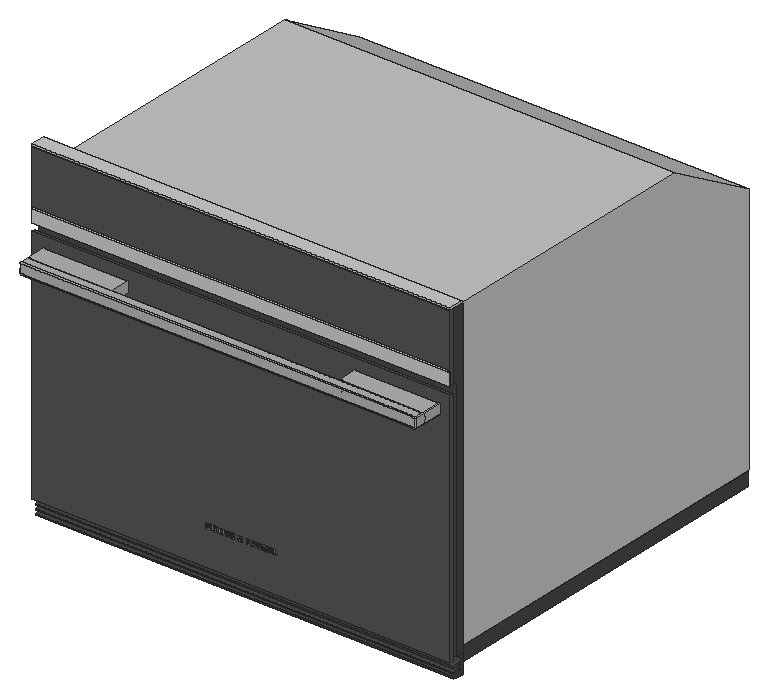
Revit family "FP_Revit_18_OM60NDB1_w_TK480NDB1_Microwave_Oven_w_60cm_Trimkit_90000813A", category Specialty Equipment, Revit 2018
Family settings
  Round Connector Dimension = Use Diameter
  Part Type = Normal
  OmniClass Number = 23.40.40.14.17.31
  OmniClass Title = Small Specialized Cooking Equipment
  Work Plane-Based = No
  Always vertical = Yes
  Cut with Voids When Loaded = Yes
  Shared = No
  Room Calculation Point = No
Parameters (values of type "OM60NDB1 + TK480NDB1")
  Visibility - Clearance Required = yes
  URL = "www.fisherpaykel.com"
  Product - Width = 596 mm  # constant formula
  Product - Height = 478 mm  # constant formula
  Product - Depth = 614 mm  # constant formula
  Model = "OM60NDB1 + TK480NDB1"
  Material - Trim = Fisher & Paykel - Stainless Steel
  Material - Structure = Fisher & Paykel - Black
  Material - Handle = Fisher & Paykel - Aluminium
  Material - Glass = Fisher & Paykel - Glass, Black
  Material - Body = Fisher & Paykel - Grey
  Manufacturer = "Fisher & Paykel Appliances"
  FFL Offset [instance] = 900 mm
  Description = "60cm Microwave Oven + 60cm Trimkit"
  Connector Description - Electrical = "220-240 V, 50 Hz, 14.5 A"
  Chassis - Width = 560 mm  # constant formula
  Chassis - Height = 466 mm  # constant formula
  Chassis - Depth = 542 mm  # constant formula
  Cavity - Width = 560 mm  # constant formula
  Cavity - Height = 480 mm  # constant formula
  Cavity - Depth = 560 mm  # constant formula
Reference planes
  plane 1 "Datum": y = 0
  plane 2: z = 0
  plane 3 "Center (Left/Right)": x = 0
  plane 4: z = 1380
  plane 5: z = 1378
  plane 6 "Product LHS": x = -298
  plane 7 "Product RHS": x = 298
  plane 8 "Product - Depth": y = 0
  plane 9 "Cavity LHS": x = -300
  plane 10 "Cavity RHS": x = 300
  plane 11 "Cavity - Depth": y = 560
  plane 12 "Chassis - Height": z = 0
  plane 13 "Product Depth": y = 542
  plane 14 "FFL Offset": z = 900
  plane 15 "Front": y = -22
Forms (mm)
  Extrusion 1, void
    sketch origin (0, 0, 0) x (0, 1, 0) y (0, 0, 1)
      loop
        line (-22, 1380) -> (-22, 900) -> (0, 900) -> (0, 1380) -> (-22, 1380)
    from -300 to 300
  Extrusion 2, void
    sketch origin (0, 0, 0) x (0, 1, 0) y (0, 0, 1)
      loop
        line (560, 1380) -> (0, 1380) -> (0, 900) -> (560, 900) -> (560, 1380)
    from -280 to 280
Text (mm)
  text "Due to ongoing product development, product details are subject to change without notice. \nPlease always refer to www.fisherpaykel.com for the most current product information. \n© Fisher & Paykel 2020" at (41.04, -413.295, 0), in view "Ref. Level (Plan)"
Dimensions and locks
  equal spacing: plane 6 "Product LHS", plane 3 "Center (Left/Right)", plane 7 "Product RHS"
  "Product - Width": plane 6 "Product LHS" to plane 7 "Product RHS"
  equal spacing: plane 9 "Cavity LHS", plane 3 "Center (Left/Right)", plane 10 "Cavity RHS"
  locked: plane 9 "Cavity LHS" to plane 10 "Cavity RHS" at 600
  "Chassis - Depth": plane 1 "Datum" to plane 13 "Product Depth"
  "FFL Offset": plane 14 "FFL Offset" to level
  "Cavity - Depth": plane 1 "Datum" to plane 11 "Cavity - Depth"
  "Product - Height": plane 5 to plane 14 "FFL Offset"
  "Cavity - Height": plane 4 to plane 14 "FFL Offset"
  "Cavity - Width": Extrusion 2 to Extrusion 2
  aligned and locked: level to plane 2
  aligned and locked: nested 2 to plane 8 "Product - Depth"
  aligned and locked: Extrusion 1 sketch curve to plane 8 "Product - Depth"
  aligned and locked: plane 14 "FFL Offset" to Extrusion 1 sketch curve
  aligned and locked: Extrusion 1 sketch curve to plane 4
  aligned and locked: Extrusion 1 to plane 10 "Cavity RHS"
  aligned and locked: plane 9 "Cavity LHS" to Extrusion 1
  aligned and locked: Extrusion 2 sketch curve to plane 8 "Product - Depth"
  aligned and locked: Extrusion 2 sketch curve to plane 14 "FFL Offset"
  aligned and locked: plane 11 "Cavity - Depth" to Extrusion 2 sketch curve
  aligned and locked: Extrusion 2 sketch curve to nested 2
  aligned and locked: nested 1 to plane 8 "Product - Depth"
  aligned and locked: Extrusion 1 to nested 1
  aligned and locked: plane 15 "Front" to Extrusion 1
Automatic sketch dimensions
  Extrusion 1 sketch curve to Extrusion 1 sketch curve = 22 mm
Nested families
  nested 1: "FP_Revit_18_OM60NDB1_Microwave_Oven_90000813A" at (0, 0, 20), FFL Offset <- "FFL Offset", type "OM60NDB1"
    with FFL Offset 900 mm
  nested 2: "FP_Revit_18_TK480ND_Trimkits_90001188A" at (0, 0, 0), FFL Offset <- "FFL Offset", type "TK480NDB1"
    with FFL Offset 900 mm
Connectors
  electrical at (-193.854, 548.619, 959.454), driven by "Connector Description - Electrical"
    settings: on nested 1, index 1, voltage 230 V, apparent load 0 VA, apparent load phase1 0 VA, apparent load phase2 0 VA, apparent load phase3 0 VA, power factor 1, load classification "Other", number of poles 1, system type 30, power factor state 1, is connector primary yes, connector utility no, sub classification motor no, connector description "220-240 V, 50 Hz, 14.5 A"
Definition of nested family "FP_Revit_18_OM60NDB1_Microwave_Oven_90000813A"
  Parameters (values of type "OS60NDBB1")
    Visibility - Clearance Required = yes
    URL = "www.fisherpaykel.com"
    Product - Width = 596 mm  # constant formula
    Product - Height = 458 mm  # constant formula
    Product - Depth = 562 mm  # constant formula
    Model = "OS60NDBB1"
    Material - Trim = none
    Material - Structure = none
    Material - Handle = none
    Material - Glass = none
    Material - Body = none
    Manufacturer = "Fisher & Paykel Appliances"
    FFL Offset [instance] = 900 mm
    Description = "60cm Steam Oven"
    Connector Description - Electrical = "220-240 V, 50 Hz, 14.5 A"
    Chassis - Width = 556 mm  # constant formula
    Chassis - Height = 446 mm  # constant formula
    Chassis - Depth = 540 mm  # constant formula
    Cavity - Width = 600 mm  # constant formula
    Cavity - Height = 460 mm  # constant formula
    Cavity - Depth = 560 mm  # constant formula
  Types (4, lengths in mm): name | Model | Description
    OS60NDB1 | "OS60NDB1" | "60cm Steam Oven"
    OM60NDB1 | "OM60NDB1" | "60cm Microwave Oven"
    OM60NDBB1 | "OM60NDBB1" | "60cm Microwave Oven"
    OS60NDBB1 | "OS60NDBB1" | "60cm Steam Oven"
  Reference planes
    plane 1 "Center (Front/Back)": y = 0
    plane 2: z = 0
    plane 3 "Center (Left/Right)": x = 0
    plane 4: z = 1360
    plane 5: z = 1358
    plane 6 "Product LHS": x = -298
    plane 7 "Product RHS": x = 298
    plane 8 "Product - Depth": y = 0
    plane 9 "Cavity LHS": x = -300
    plane 10 "Cavity RHS": x = 300
    plane 11 "Cavity - Depth": y = 560
    plane 12 "Front Face": y = -22
    plane 13 "Chassis - Height": z = 0
    plane 14 "Product Depth": y = 540
    plane 15 "FFL Offset": z = 900
  Forms (mm)
    Extrusion 1, solid, material <- "Material - Body"
      sketch origin (0, 0, 0) x (0, 1, 0) y (0, 0, 1)
        loop
          line (0, 1346) -> (0, 907.28) -> (5.16, 907.28) -> (5.16, 900) -> (534.187, 900) -> (534.187, 1257.991) -> (403.295, 1336.64) -> (24.316, 1336.64) -> (8.71, 1346) -> (0, 1346)
      from -278 to 278
    Extrusion 2, solid, material <- "Material - Structure", detail levels fine
      sketch origin (0, 0, 0) x (0, 1, 0) y (0, 0, 1)
        loop
          line (0, 1353.9) -> (-2, 1353.9) -> (-2, 1355) -> (-18, 1355) -> (-18, 1258) -> (-9.89, 1258) -> (-9.89, 907.28) -> (0, 907.28) -> (0, 1353.9)
      from -298 to 298
    Extrusion 3, solid, material <- "Material - Trim", detail levels fine
      sketch origin (0, 0, 0) x (0, 1, 0) y (0, 0, 1)
        loop
          line (-22, 1358) -> (-22, 1355) -> (-2, 1355) -> (-2, 1358) -> (-22, 1358)
      from -298 to 298
    Extrusion 4, solid, material <- "Material - Glass", detail levels fine
      sketch origin (0, 0, 0) x (0, 1, 0) y (0, 0, 1)
        loop
          line (-18, 1355) -> (-20.262, 1355)
          arc (-20.262, 1355) -> (-21.236, 1354.682) -> (-22, 1354) r 2.5
          line (-22, 1354) -> (-22, 1258) -> (-18, 1258) -> (-18, 1355)
      from -298 to 298
    Extrusion 5, solid, material <- "Material - Glass", detail levels fine
      sketch origin (0, 0, 0) x (0, 1, 0) y (0, 0, 1)
        loop
          line (-22, 1246.53) -> (-22, 904.53) -> (-18, 904.53) -> (-18, 1246.53) -> (-22, 1246.53)
      from -298 to 298
    Extrusion 6, solid, material <- "Material - Structure", detail levels fine
      sketch origin (0, 0, 0) x (0, 1, 0) y (0, 0, 1)
        loop
          line (-18, 1229.33) -> (-18, 907.28) -> (-9.89, 907.28) -> (-9.89, 1229.33) -> (-18, 1229.33)
      from -278 to 278
    Extrusion 7, void
      sketch origin (0, 0, 0) x (1, 0, 0) y (0, 0, 1)
        loop
          line (-158.462, 1052.91) -> (-229.24, 1052.91)
          arc (-229.24, 1052.91) -> (-232.776, 1051.446) -> (-234.24, 1047.91) r 5
          line (-234.24, 1047.91) -> (-234.24, 955.13)
          arc (-234.24, 955.13) -> (-232.776, 951.594) -> (-229.24, 950.13) r 5
          line (-229.24, 950.13) -> (-158.462, 950.13)
          arc (-158.462, 950.13) -> (-154.926, 951.594) -> (-153.462, 955.13) r 5
          line (-153.462, 955.13) -> (-153.462, 1047.91)
          arc (-153.462, 1047.91) -> (-154.926, 1051.446) -> (-158.462, 1052.91) r 5
      from -539.6 to -521.6
    Sweep 8, void
      path in 3D
        loop
          arc (-153.462, 521.6, 955.13) -> (-154.926, 521.6, 951.594) -> (-158.462, 521.6, 950.13) r 5
          line (-158.462, 521.6, 950.13) -> (-229.24, 521.6, 950.13)
          arc (-229.24, 521.6, 950.13) -> (-232.776, 521.6, 951.594) -> (-234.24, 521.6, 955.13) r 5
          line (-234.24, 521.6, 955.13) -> (-234.24, 521.6, 1047.91)
          arc (-234.24, 521.6, 1047.91) -> (-232.776, 521.6, 1051.446) -> (-229.24, 521.6, 1052.91) r 5
          line (-229.24, 521.6, 1052.91) -> (-158.462, 521.6, 1052.91)
          arc (-158.462, 521.6, 1052.91) -> (-154.926, 521.6, 1051.446) -> (-153.462, 521.6, 1047.91) r 5
          line (-153.462, 521.6, 1047.91) -> (-153.462, 521.6, 955.13)
      profile origin (-153.462, 521.6, 1001.52) x (-1, 0, 0) y (0, -1, 0)
        loop
          line (0, 0) -> (-21.3, -12.587) -> (0, -12.587) -> (0, 0)
    Extrusion 9, solid, material <- "Material - Body", detail levels medium+fine
      sketch origin (0, 0, -100) x (1, 0, 0) y (0, 0, 1)
        loop
          line (-175.354, 1115.273) -> (-212.354, 1115.273) -> (-212.354, 1057.273) -> (-175.354, 1057.273) -> (-175.354, 1115.273)
      from -540 to -521.6
    Extrusion 10, solid, material <- "Material - Trim", detail levels fine
      sketch origin (0, 0, 0) x (0, 1, 0) y (0, 0, 1)
        loop
          line (-22, 1258) -> (-22, 1277.8) -> (-22.8, 1277.8) -> (-23.7, 1275.5) -> (-23.7, 1258) -> (-22, 1258)
      from -298 to 298
    Extrusion 11, solid, visible <- "Visibility - Clearance Required", detail levels coarse
      sketch origin (0, 0, 0) x (1, 0, 0) y (0, 1, 0)
        loop
          line (-280, 0) -> (280, 0) -> (280, 548.619) -> (-280, 548.619) -> (-280, 0)
      from 900 to 1360
    Extrusion 12, solid, visible <- "Visibility - Clearance Required", detail levels coarse
      sketch origin (0, 0, 0) x (0, 1, 0) y (0, 0, 1)
        loop
          arc (-22, 1246.53) -> (-241.159, 1161.206) -> (-341.563, 948.532) r 317.644
          line (-341.563, 948.532) -> (-326.406, 946.445) -> (-332.106, 905.048) -> (-316.871, 902.951) -> (-311.171, 944.347) -> (-22, 904.53) -> (-22, 900) -> (0, 900) -> (0, 1360) -> (-22, 1360) -> (-22, 1246.53)
      from -300 to 300
    Sweep 13, solid, material <- "Material - Body", detail levels fine
      path origin (0, 0, -100) x (0, 1, 0) y (0, 0, 1)
        loop
          arc (530.8, 1057.273) -> (536.019, 1044.673) -> (548.619, 1039.454) r 17.819
      profile origin (0, 536.019, 944.673) x (0, 0.707107, 0.707107) y (1, 0, 0)
        loop
          circle (0, -193.854) r 5
    Extrusion 14, solid, material <- "Material - Glass", detail levels coarse+medium
      sketch origin (0, 0, 0) x (0, 1, 0) y (0, 0, 1)
        loop
          line (-22, 1358) -> (-22, 1258) -> (-9.89, 1258) -> (-9.89, 1229.33) -> (-18, 1229.33) -> (-18, 1246.53) -> (-22, 1246.53) -> (-22, 904.53) -> (-18, 904.53) -> (-18, 907.28) -> (0, 907.28) -> (0, 1353.9) -> (-2, 1353.9) -> (-2, 1358) -> (-22, 1358)
      from -298 to 298
    Extrusion 15, solid, material <- "Material - Body", not visible, detail levels medium+fine
      sketch origin (0, 0, 0) x (1, 0, 0) y (0, 0, 1)
        loop
          line (-175.354, 1115.273) -> (-212.354, 1115.273) -> (-212.354, 1057.273) -> (-175.354, 1057.273) -> (-175.354, 1115.273)
      from -540 to -521.6
    Sweep 16, solid, material <- "Material - Body", not visible, detail levels fine
      path origin (0, 0, 0) x (0, 1, 0) y (0, 0, 1)
        loop
          arc (530.8, 1057.273) -> (536.019, 1044.673) -> (548.619, 1039.454) r 17.819
      profile origin (0, 536.019, 1044.673) x (0, 0.707107, 0.707107) y (1, 0, 0)
        loop
          circle (0, -193.854) r 5
    Extrusion 17, void
      sketch origin (0, 0, 0) x (1, 0, 0) y (0, 1, 0)
        loop
          line (-280, 0) -> (280, 0) -> (280, 548.619) -> (-280, 548.619) -> (-280, 0)
      from 900 to 1360
    Extrusion 18, solid, visible <- "Visibility - Clearance Required", detail levels coarse
      sketch origin (0, 0, 0) x (0, 1, 0) y (0, 0, 1)
        loop
          arc (-22, 1246.53) -> (-241.159, 1161.206) -> (-341.563, 948.532) r 317.644
          line (-341.563, 948.532) -> (-326.406, 946.445) -> (-332.106, 905.048) -> (-316.871, 902.951) -> (-311.171, 944.347) -> (-22, 904.53) -> (-22, 900) -> (0, 900) -> (0, 1360) -> (-22, 1360) -> (-22, 1246.53)
      from -300 to 300
    Extrusion 19, void
      sketch origin (0, 0, 0) x (0, 1, 0) y (0, 0, 1)
        loop
          line (-22, 1360) -> (-22, 900) -> (0, 900) -> (0, 1360) -> (-22, 1360)
      from -300 to 300
  Cuts and joins
    Extrusion 7, Sweep 8 cuts Extrusion 1
    Extrusion 7 cuts Extrusion 2
    Extrusion 7 cuts Extrusion 5
    Extrusion 7 cuts Extrusion 6
  Lines and regions (mm)
    sketch lines
      curve 1: line (-153.462, 521.6, 1047.91) -> (-153.462, 521.6, 955.13)
      curve 2: arc (-153.462, 521.6, 1047.91) -> (-154.926, 521.6, 1051.446) -> (-158.462, 521.6, 1052.91) r 5
      curve 3: line (-229.24, 521.6, 1052.91) -> (-158.462, 521.6, 1052.91)
      curve 4: arc (-229.24, 521.6, 1052.91) -> (-232.776, 521.6, 1051.446) -> (-234.24, 521.6, 1047.91) r 5
      curve 5: line (-234.24, 521.6, 955.13) -> (-234.24, 521.6, 1047.91)
      curve 6: arc (-234.24, 521.6, 955.13) -> (-232.776, 521.6, 951.594) -> (-229.24, 521.6, 950.13) r 5
      curve 7: arc (-158.462, 521.6, 950.13) -> (-154.926, 521.6, 951.594) -> (-153.462, 521.6, 955.13) r 5
      curve 8: line (-158.462, 521.6, 950.13) -> (-229.24, 521.6, 950.13)
  Text (mm)
    text "Due to ongoing product development, product details are subject to change without notice. \nPlease always refer to www.fisherpaykel.com for the most current product information. \n© Fisher & Paykel 2020" at (41.04, -413.295, 0), in view "Ref. Level (Plan)"
  Dimensions and locks
    equal spacing: plane 6 "Product LHS", plane 3 "Center (Left/Right)", plane 7 "Product RHS"
    "Product - Width": plane 6 "Product LHS" to plane 7 "Product RHS"
    equal spacing: plane 9 "Cavity LHS", plane 3 "Center (Left/Right)", plane 10 "Cavity RHS"
    "Cavity - Width": plane 9 "Cavity LHS" to plane 10 "Cavity RHS"
    "Cavity - Depth": plane 11 "Cavity - Depth" to plane 1 "Center (Front/Back)"
    locked: plane 12 "Front Face" to plane 1 "Center (Front/Back)" at 22
    "Chassis - Depth": plane 1 "Center (Front/Back)" to plane 14 "Product Depth"
    Extrusion 1 sketch curve to plane 14 "Product Depth" = 5.813 mm
    equal spacing: cut or joined group of Extrusion 1, Extrusion 7, Sweep 8, plane 3 "Center (Left/Right)", cut or joined group of Extrusion 1, Extrusion 7, Sweep 8
    "Chassis - Width": cut or joined group of Extrusion 1, Extrusion 7, Sweep 8 to cut or joined group of Extrusion 1, Extrusion 7, Sweep 8
    "FFL Offset": plane 15 "FFL Offset" to level
    locked: nested 2 to plane 15 "FFL Offset" at 61.04
    locked: cut or joined group of Extrusion 1, Extrusion 7, Sweep 8 to plane 15 "FFL Offset" at 7.28
    locked: Extrusion 14 to plane 15 "FFL Offset" at 4.53
    locked: cut or joined group of Extrusion 1, Extrusion 7, Sweep 8 to plane 15 "FFL Offset" at 436.64
    "Chassis - Height": cut or joined group of Extrusion 1, Extrusion 7, Sweep 8 to plane 15 "FFL Offset"
    Extrusion 11 to plane 15 "FFL Offset" = 460 mm
    locked: plane 15 "FFL Offset" to Extrusion 9 at 57.273
    locked: plane 15 "FFL Offset" to cut or joined group of Extrusion 1, Extrusion 7, Sweep 8 at 50.13
    "Product - Height": plane 5 to plane 15 "FFL Offset"
    "Cavity - Height": plane 4 to plane 15 "FFL Offset"
    locked: nested 1 to plane 15 "FFL Offset" at 330.978
    locked: plane 5 to Extrusion 14 at 100
    locked: plane 5 to Extrusion 14 at 111.47
    locked: Extrusion 12 sketch curve to plane 15 "FFL Offset" at 4.53
    locked: plane 15 "FFL Offset" to Extrusion 7 sketch curve at 152.91
    locked: plane 15 "FFL Offset" to Extrusion 7 sketch curve at 50.13
    aligned and locked: level to plane 2
    aligned and locked: Extrusion 3 sketch curve to plane 5
    aligned and locked: plane 6 "Product LHS" to Extrusion 5
    aligned and locked: Extrusion 5 to plane 7 "Product RHS"
    aligned and locked: Extrusion 4 to plane 7 "Product RHS"
    aligned and locked: plane 6 "Product LHS" to Extrusion 4
    aligned and locked: plane 6 "Product LHS" to Extrusion 3
    aligned and locked: Extrusion 3 to plane 7 "Product RHS"
    aligned and locked: plane 6 "Product LHS" to Extrusion 2
    aligned and locked: Extrusion 2 to plane 7 "Product RHS"
    aligned and locked: plane 14 "Product Depth" to Extrusion 9
    aligned and locked: cut or joined group of Extrusion 1, Extrusion 7, Sweep 8 to Extrusion 9
    aligned and locked: Extrusion 10 to plane 7 "Product RHS"
    aligned and locked: plane 6 "Product LHS" to Extrusion 10
    aligned and locked: Extrusion 14 to plane 7 "Product RHS"
    aligned and locked: plane 6 "Product LHS" to Extrusion 14
    aligned and locked: Extrusion 1 to plane 15 "FFL Offset"
    aligned and locked: Extrusion 11 to cut or joined group of Extrusion 1, Extrusion 7, Sweep 8
    aligned and locked: Extrusion 14 to cut or joined group of Extrusion 1, Extrusion 7, Sweep 8
    aligned and locked: Extrusion 2 to cut or joined group of Extrusion 1, Extrusion 7, Sweep 8
    aligned and locked: Extrusion 6 to cut or joined group of Extrusion 1, Extrusion 7, Sweep 8
    aligned and locked: plane 5 to Extrusion 3
    aligned and locked: plane 5 to Extrusion 14
    aligned and locked: Extrusion 10 to Extrusion 4
    aligned and locked: Extrusion 14 to Extrusion 4
    aligned and locked: Extrusion 4 to cut or joined group of Extrusion 2, Extrusion 7
    aligned and locked: Extrusion 5 to Extrusion 14  (x2)
    aligned and locked: plane 4 to Extrusion 11
    aligned and locked: Extrusion 11 to Sweep 13
    aligned and locked: Extrusion 12 sketch curve to plane 15 "FFL Offset"
    aligned and locked: Extrusion 12 sketch curve to plane 4
    aligned and locked: plane 4 to Extrusion 17
    aligned and locked: Extrusion 17 to cut or joined group of Extrusion 1, Extrusion 7, Sweep 8
    aligned and locked: plane 15 "FFL Offset" to Extrusion 19 sketch curve
    aligned and locked: Extrusion 19 sketch curve to plane 4
  Automatic sketch dimensions
    Extrusion 9 sketch curve to Extrusion 9 sketch curve = 37 mm
    Extrusion 9 sketch curve to Extrusion 9 sketch curve = 58 mm
    Sweep 13 sketch curve to profile plane = 0 mm
    Sweep 13 sketch curve to Sweep 13 sketch curve = 17.819 mm
    Sweep 13 sketch curve to profile plane = 193.854 mm
    Extrusion 15 sketch curve to Extrusion 15 sketch curve = 37 mm
    Extrusion 15 sketch curve to Extrusion 15 sketch curve = 58 mm
    Sweep 16 sketch curve to profile plane = 0 mm
    Sweep 16 sketch curve to Sweep 16 sketch curve = 17.819 mm
    Sweep 16 sketch curve to profile plane = 193.854 mm
    Extrusion 1 sketch curve to plane 1 "Center (Front/Back)" = 0 mm
    Extrusion 1 sketch curve to plane 15 "FFL Offset" = 0 mm
    Extrusion 1 sketch curve to plane 1 "Center (Front/Back)" = 5.16 mm
    Extrusion 1 sketch curve to Extrusion 1 sketch curve = 8.71 mm
    Extrusion 1 sketch curve to Extrusion 1 sketch curve = 15.606 mm
    Extrusion 1 sketch curve to plane 5 = 21.36 mm
    Extrusion 1 sketch curve to plane 14 "Product Depth" = 136.705 mm
    Extrusion 1 sketch curve to Extrusion 1 sketch curve = 7.28 mm
    Extrusion 1 sketch curve to plane 5 = 100.009 mm
    Extrusion 1 sketch curve to plane 5 = 12 mm
    Extrusion 2 sketch curve to plane 1 "Center (Front/Back)" = 0 mm
    plane 1 "Center (Front/Back)" to Extrusion 2 sketch curve = 2 mm
    plane 1 "Center (Front/Back)" to Extrusion 2 sketch curve = 9.89 mm
    plane 12 "Front Face" to Extrusion 2 sketch curve = 4 mm
    plane 15 "FFL Offset" to Extrusion 2 sketch curve = 7.28 mm
    Extrusion 2 sketch curve to plane 5 = 100 mm
    Extrusion 2 sketch curve to plane 5 = 4.1 mm
    Extrusion 2 sketch curve to Extrusion 2 sketch curve = 1.1 mm
    Extrusion 3 sketch curve to plane 12 "Front Face" = 0 mm
    plane 1 "Center (Front/Back)" to Extrusion 3 sketch curve = 2 mm
    Extrusion 3 sketch curve to plane 5 = 3 mm
    Extrusion 4 sketch curve to plane 12 "Front Face" = 0 mm
    plane 12 "Front Face" to Extrusion 4 sketch curve = 1.738 mm
    plane 12 "Front Face" to Extrusion 4 sketch curve = 2.011 mm
    plane 12 "Front Face" to Extrusion 4 sketch curve = 4 mm
    Extrusion 4 sketch curve to plane 5 = 100 mm
    Extrusion 4 sketch curve to plane 5 = 5.485 mm
    Extrusion 4 sketch curve to Extrusion 4 sketch curve = 1.485 mm
    Extrusion 5 sketch curve to plane 12 "Front Face" = 0 mm
    plane 12 "Front Face" to Extrusion 5 sketch curve = 4 mm
    plane 15 "FFL Offset" to Extrusion 5 sketch curve = 4.53 mm
    Extrusion 5 sketch curve to plane 5 = 111.47 mm
    plane 12 "Front Face" to Extrusion 6 sketch curve = 4 mm
    Extrusion 6 sketch curve to Extrusion 6 sketch curve = 8.11 mm
    plane 15 "FFL Offset" to Extrusion 6 sketch curve = 7.28 mm
    Extrusion 6 sketch curve to plane 5 = 128.67 mm
    Extrusion 7 sketch curve to plane 6 "Product LHS" = 63.76 mm
    Extrusion 7 sketch curve to Extrusion 7 sketch curve = 5 mm  (x3)
    Extrusion 7 sketch curve to Extrusion 7 sketch curve = 70.778 mm  (x2)
    Sweep 8 sketch curve to profile plane = 0 mm  (x2)
    Sweep 8 sketch curve to profile plane = 21.3 mm
    profile plane to Sweep 8 sketch curve = 12.587 mm
    Extrusion 10 sketch curve to plane 12 "Front Face" = 0 mm
    Extrusion 10 sketch curve to Extrusion 10 sketch curve = 0.8 mm
    Extrusion 10 sketch curve to plane 12 "Front Face" = 1.7 mm
    Extrusion 10 sketch curve to plane 5 = 100 mm
    Extrusion 10 sketch curve to Extrusion 10 sketch curve = 17.5 mm
    Extrusion 10 sketch curve to Extrusion 10 sketch curve = 2.3 mm
    plane 1 "Center (Front/Back)" to Extrusion 11 sketch curve = 0 mm
    plane 14 "Product Depth" to Extrusion 11 sketch curve = 8.619 mm
    Extrusion 11 sketch curve to plane 6 "Product LHS" = 18 mm
    plane 7 "Product RHS" to Extrusion 11 sketch curve = 18 mm
    Extrusion 12 sketch curve to plane 12 "Front Face" = 0 mm  (x2)
    Extrusion 12 sketch curve to plane 1 "Center (Front/Back)" = 0 mm
    Extrusion 12 sketch curve to plane 12 "Front Face" = 2.526 mm
    plane 15 "FFL Offset" to Extrusion 12 sketch curve = 44.347 mm
    Extrusion 12 sketch curve to Extrusion 12 sketch curve = 286.644 mm
    plane 15 "FFL Offset" to Extrusion 12 sketch curve = 2.951 mm
    plane 15 "FFL Offset" to Extrusion 12 sketch curve = 46.445 mm
    Extrusion 12 sketch curve to Extrusion 12 sketch curve = 15.235 mm
    plane 15 "FFL Offset" to Extrusion 12 sketch curve = 48.532 mm
    Extrusion 12 sketch curve to Extrusion 12 sketch curve = 24.366 mm
    Extrusion 14 sketch curve to plane 5 = 0 mm
    Extrusion 14 sketch curve to plane 12 "Front Face" = 0 mm  (x2)
    Extrusion 14 sketch curve to plane 1 "Center (Front/Back)" = 0 mm
    plane 12 "Front Face" to Extrusion 14 sketch curve = 4 mm  (x2)
    plane 1 "Center (Front/Back)" to Extrusion 14 sketch curve = 9.89 mm
    plane 1 "Center (Front/Back)" to Extrusion 14 sketch curve = 2 mm
    Extrusion 14 sketch curve to plane 5 = 4.1 mm
    Extrusion 14 sketch curve to Extrusion 14 sketch curve = 95.9 mm
    Extrusion 14 sketch curve to Extrusion 14 sketch curve = 11.47 mm
    Extrusion 14 sketch curve to Extrusion 14 sketch curve = 17.2 mm
    plane 15 "FFL Offset" to Extrusion 14 sketch curve = 7.28 mm
    Extrusion 14 sketch curve to Extrusion 14 sketch curve = 2.75 mm
    plane 1 "Center (Front/Back)" to Extrusion 17 sketch curve = 0 mm
    plane 14 "Product Depth" to Extrusion 17 sketch curve = 8.619 mm
    Extrusion 17 sketch curve to plane 6 "Product LHS" = 18 mm
    plane 7 "Product RHS" to Extrusion 17 sketch curve = 18 mm
    Extrusion 18 sketch curve to plane 12 "Front Face" = 0 mm  (x2)
    Extrusion 18 sketch curve to plane 1 "Center (Front/Back)" = 0 mm
    Extrusion 18 sketch curve to plane 15 "FFL Offset" = 0 mm
    Extrusion 18 sketch curve to plane 4 = 0 mm
    Extrusion 18 sketch curve to plane 12 "Front Face" = 2.526 mm
    plane 15 "FFL Offset" to Extrusion 18 sketch curve = 44.347 mm
    Extrusion 18 sketch curve to Extrusion 18 sketch curve = 286.644 mm
    plane 15 "FFL Offset" to Extrusion 18 sketch curve = 2.951 mm
    Extrusion 18 sketch curve to Extrusion 18 sketch curve = 5.7 mm
    plane 15 "FFL Offset" to Extrusion 18 sketch curve = 46.445 mm
    Extrusion 18 sketch curve to Extrusion 18 sketch curve = 15.235 mm
    plane 15 "FFL Offset" to Extrusion 18 sketch curve = 48.532 mm
    Extrusion 18 sketch curve to Extrusion 18 sketch curve = 24.366 mm
    Extrusion 19 sketch curve to plane 12 "Front Face" = 0 mm
    Extrusion 19 sketch curve to plane 1 "Center (Front/Back)" = 0 mm
    radius of Sweep 13 sketch curve = 5 mm
    radius of Sweep 16 sketch curve = 5 mm
  Nested families
    nested 1: "F&P Handle Contemporary Square OB60-24" at (0, -22, 1223), type "Aluminium"
    nested 2: "F&P Logo 100mm" at (0, -22, 955), type "F&P Logo 100mm"
  Connectors
    electrical at (-193.854, 548.619, 939.454), driven by "Connector Description - Electrical"
      settings: on Sweep 13, index 1, voltage 120 V, apparent load 0 VA, apparent load phase1 0 VA, apparent load phase2 0 VA, apparent load phase3 0 VA, power factor 1, load classification none, number of poles 1, system type 30, power factor state 1, is connector primary yes, connector utility no, sub classification motor no, connector description "220-240 V, 50 Hz, 14.5 A"
  Definition of nested family "F&P Handle Contemporary Square OB60-24"
    Parameters (values of type "Aluminium Dark")
      URL = "www.fisherpaykel.com"
      Material - Handle = none
      Manufacturer = "Fisher & Paykel Appliances"
      Handle - Length = 565 mm
    Types (2): name
      Aluminium
      Aluminium Dark
    Reference planes
      plane 1 "Center (Front/Back)": y = 0
      plane 2: z = 0
      plane 3 "Center (Left/Right)": x = 0
      plane 4 "Product LHS": x = -282.5
      plane 5 "Product RHS": x = 282.5
      plane 6 "LHS Standoff": x = -162.495
      plane 7 "RHS Standoff": x = 162.505
    Forms (mm)
      Extrusion 1, solid, material <- "Material - Handle", detail levels fine
        sketch origin (0, 0, 0) x (0, 1, 0) y (0, 0, 1)
          loop
            arc (-28.701, 7.561) -> (-29.057, 7.868) -> (-29.514, 7.978) r 1
            line (-29.514, 7.978) -> (-40.5, 7.978)
            arc (-40.5, 7.978) -> (-41.561, 7.539) -> (-42, 6.478) r 1.5
            line (-42, 6.478) -> (-42, -6.522)
            arc (-42, -6.522) -> (-41.561, -7.583) -> (-40.5, -8.022) r 1.5
            line (-40.5, -8.022) -> (-29.487, -8.022)
            arc (-29.487, -8.022) -> (-29.029, -7.911) -> (-28.673, -7.602) r 1
            arc (-28.673, -7.602) -> (-26.256, -0.016) -> (-28.701, 7.561) r 13.038
        from -282.5 to 282.5
      Extrusion 2, solid, material <- "Material - Handle", detail levels fine
        sketch origin (0, 0, 0) x (0, 1, 0) y (0, 0, 1)
          loop
            arc (-28.23, 7.062) -> (-26.156, 0.008) -> (-28.198, -7.056) r 13.136
            arc (-28.198, -7.056) -> (-28.21, -7.463) -> (-27.86, -7.67) r 0.4
            line (-27.86, -7.67) -> (0, -7.67) -> (0, 7.678) -> (-27.893, 7.678)
            arc (-27.893, 7.678) -> (-28.244, 7.47) -> (-28.23, 7.062) r 0.4
        from 162.505 to 282.5
      Extrusion 3, solid, material <- "Material - Handle", detail levels fine
        sketch origin (0, 0, 0) x (0, 1, 0) y (0, 0, -1)
          loop
            arc (-28.23, -7.062) -> (-28.244, -7.47) -> (-27.893, -7.678) r 0.4
            line (-27.893, -7.678) -> (0, -7.678) -> (0, 7.67) -> (-27.86, 7.67)
            arc (-27.86, 7.67) -> (-28.21, 7.463) -> (-28.198, 7.056) r 0.4
            arc (-28.198, 7.056) -> (-26.156, -0.008) -> (-28.23, -7.062) r 13.136
        from 162.495 to 282.5
      Sweep 4, void
        path in 3D
          loop
            line (282.5, -29.514, 7.978) -> (282.5, -40.5, 7.978)
            arc (282.5, -40.5, 7.978) -> (282.5, -41.561, 7.539) -> (282.5, -42, 6.478) r 1.5
            line (282.5, -42, 6.478) -> (282.5, -42, -6.522)
            arc (282.5, -42, -6.522) -> (282.5, -41.561, -7.583) -> (282.5, -40.5, -8.022) r 1.5
            line (282.5, -40.5, -8.022) -> (282.5, -29.487, -8.022)
        profile origin (282.5, -35.007, 7.978) x (1, 0, 0) y (0, 0, 1)
          loop
            line (0, 0) -> (-1.3, 0) -> (0, -1.3) -> (0, 0)
      Sweep 5, void
        path in 3D
          loop
            line (-282.5, -29.487, -8.022) -> (-282.5, -40.5, -8.022)
            arc (-282.5, -40.5, -8.022) -> (-282.5, -41.561, -7.583) -> (-282.5, -42, -6.522) r 1.5
            line (-282.5, -42, -6.522) -> (-282.5, -42, 6.478)
            arc (-282.5, -42, 6.478) -> (-282.5, -41.561, 7.539) -> (-282.5, -40.5, 7.978) r 1.5
            line (-282.5, -40.5, 7.978) -> (-282.5, -29.514, 7.978)
        profile origin (-282.5, -35.007, 7.978) x (-1, 0, 0) y (0, 0, 1)
          loop
            line (0, 0) -> (-1.3, 0) -> (0, -1.3) -> (0, 0)
      Extrusion 6, void
        sketch origin (0, 0, 0) x (1, 0, 0) y (0, 0, 1)
          loop
            line (282.5, 7.978) -> (281.2, 7.978) -> (282.5, 6.678) -> (282.5, 7.978)
          loop
            line (282.5, -8.022) -> (282.5, -6.722) -> (281.2, -8.022) -> (282.5, -8.022)
        from 0 to 40
      Extrusion 7, void
        sketch origin (0, 0, 0) x (1, 0, 0) y (0, 0, 1)
          loop
            line (-282.5, 7.978) -> (-282.5, 6.678) -> (-281.2, 7.978) -> (-282.5, 7.978)
          loop
            line (-282.5, -8.022) -> (-281.2, -8.022) -> (-282.5, -6.722) -> (-282.5, -8.022)
        from 0 to 40
      Extrusion 8, solid, material <- "Material - Handle", detail levels coarse+medium
        sketch origin (0, 0, 0) x (1, 0, 0) y (0, 1, 0)
          loop
            line (-282.5, -42) -> (282.5, -42) -> (282.5, 0) -> (162.505, 0) -> (162.505, -26.156) -> (-162.495, -26.156) -> (-162.495, 0) -> (-282.5, 0) -> (-282.5, -42)
        from -8.022 to 7.978
    Cuts and joins
      Sweep 4, Sweep 5, Extrusion 6, Extrusion 7 cuts Extrusion 1
      Extrusion 6 cuts Extrusion 2
      Extrusion 7 cuts Extrusion 3
    Lines and regions (mm)
      sketch lines
        curve 1: line (282.5, -29.514, 7.978) -> (282.5, -40.5, 7.978)
        curve 2: arc (282.5, -42, 6.478) -> (282.5, -41.561, 7.539) -> (282.5, -40.5, 7.978) r 1.5
        curve 3: line (282.5, -42, 6.478) -> (282.5, -42, -6.522)
        curve 4: arc (282.5, -40.5, -8.022) -> (282.5, -41.561, -7.583) -> (282.5, -42, -6.522) r 1.5
        curve 5: line (282.5, -40.5, -8.022) -> (282.5, -29.487, -8.022)
        curve 6: line (-282.5, -40.5, 7.978) -> (-282.5, -29.514, 7.978)
        curve 7: arc (-282.5, -40.5, 7.978) -> (-282.5, -41.561, 7.539) -> (-282.5, -42, 6.478) r 1.5
        curve 8: line (-282.5, -42, -6.522) -> (-282.5, -42, 6.478)
        curve 9: arc (-282.5, -42, -6.522) -> (-282.5, -41.561, -7.583) -> (-282.5, -40.5, -8.022) r 1.5
        curve 10: line (-282.5, -29.487, -8.022) -> (-282.5, -40.5, -8.022)
    Dimensions and locks
      equal spacing: plane 4 "Product LHS", plane 3 "Center (Left/Right)", plane 5 "Product RHS"
      "Handle - Length": plane 4 "Product LHS" to plane 5 "Product RHS"
      locked: plane 4 "Product LHS" to plane 6 "LHS Standoff" at 120.005
      locked: plane 7 "RHS Standoff" to plane 5 "Product RHS" at 119.995
      aligned and locked: level to plane 2
      aligned and locked: Extrusion 1 to plane 5 "Product RHS"
      aligned and locked: plane 4 "Product LHS" to Extrusion 1
      aligned and locked: Extrusion 2 to plane 5 "Product RHS"
      aligned and locked: plane 4 "Product LHS" to Extrusion 3
      aligned and locked: plane 4 "Product LHS" to Extrusion 8 sketch curve
      aligned and locked: Extrusion 8 sketch curve to plane 5 "Product RHS"
      aligned and locked: Extrusion 8 sketch curve to plane 7 "RHS Standoff"
      aligned and locked: plane 6 "LHS Standoff" to Extrusion 8 sketch curve
      aligned and locked: Extrusion 2 to plane 7 "RHS Standoff"
      aligned and locked: plane 6 "LHS Standoff" to Extrusion 3
    Automatic sketch dimensions
      Extrusion 1 sketch curve to level = 6.522 mm
      plane 1 "Center (Front/Back)" to Extrusion 1 sketch curve = 42 mm
      Extrusion 1 sketch curve to Extrusion 1 sketch curve = 1.5 mm  (x2)
      Extrusion 1 sketch curve to level = 0.04 mm
      Extrusion 1 sketch curve to Extrusion 1 sketch curve = 1.206 mm
      level to Extrusion 1 sketch curve = 6.978 mm
      Extrusion 1 sketch curve to Extrusion 1 sketch curve = 10.986 mm
      Extrusion 1 sketch curve to Extrusion 1 sketch curve = 11.013 mm
      Extrusion 1 sketch curve to Extrusion 1 sketch curve = 1 mm
      level to Extrusion 1 sketch curve = 6.478 mm
      Extrusion 1 sketch curve to Extrusion 1 sketch curve = 0 mm
      Extrusion 2 sketch curve to plane 1 "Center (Front/Back)" = 0 mm
      Extrusion 2 sketch curve to level = 7.67 mm
      Extrusion 2 sketch curve to Extrusion 2 sketch curve = 27.86 mm
      level to Extrusion 2 sketch curve = 7.678 mm
      Extrusion 2 sketch curve to Extrusion 2 sketch curve = 0.033 mm
      Extrusion 2 sketch curve to level = 0.022 mm
      Extrusion 2 sketch curve to Extrusion 2 sketch curve = 11.398 mm
      Extrusion 2 sketch curve to Extrusion 2 sketch curve = 0.4 mm  (x2)
      Extrusion 2 sketch curve to Extrusion 2 sketch curve = 0 mm
      Extrusion 3 sketch curve to plane 1 "Center (Front/Back)" = 0 mm
      Extrusion 3 sketch curve to level = 7.67 mm
      Extrusion 3 sketch curve to Extrusion 3 sketch curve = 27.86 mm
      level to Extrusion 3 sketch curve = 7.678 mm
      Extrusion 3 sketch curve to Extrusion 3 sketch curve = 0.033 mm
      Extrusion 3 sketch curve to level = 0.022 mm
      Extrusion 3 sketch curve to Extrusion 3 sketch curve = 11.398 mm
      Extrusion 3 sketch curve to Extrusion 3 sketch curve = 0.4 mm  (x2)
      Extrusion 3 sketch curve to Extrusion 3 sketch curve = 0 mm
      profile plane to Sweep 4 sketch curve = 0 mm
      Sweep 4 sketch curve to profile plane = 0 mm
      Sweep 4 sketch curve to profile plane = 1.3 mm
      profile plane to Sweep 4 sketch curve = 1.3 mm
      Sweep 5 sketch curve to profile plane = 0 mm  (x2)
      profile plane to Sweep 5 sketch curve = 1.3 mm
      Sweep 5 sketch curve to profile plane = 1.3 mm
      plane 5 "Product RHS" to Extrusion 6 sketch curve = 0 mm  (x2)
      Extrusion 6 sketch curve to Extrusion 6 sketch curve = 1.3 mm  (x4)
      Extrusion 6 sketch curve to level = 6.722 mm
      level to Extrusion 6 sketch curve = 6.678 mm
      plane 4 "Product LHS" to Extrusion 7 sketch curve = 0 mm  (x2)
      Extrusion 7 sketch curve to plane 4 "Product LHS" = 1.3 mm  (x2)
      Extrusion 7 sketch curve to level = 8.022 mm
      level to Extrusion 7 sketch curve = 6.678 mm
      Extrusion 7 sketch curve to Extrusion 7 sketch curve = 1.3 mm  (x2)
      plane 1 "Center (Front/Back)" to Extrusion 8 sketch curve = 0 mm  (x2)
      Extrusion 8 sketch curve to Extrusion 8 sketch curve = 26.156 mm
      Extrusion 8 sketch curve to Extrusion 8 sketch curve = 42 mm
  Definition of nested family "F&P Logo 100mm"
    Parameters (values of type "F&P Logo 100mm")
      URL = "www.fisherpaykel.com"
      Material - Logo = none
      Manufacturer = "Fisher & Paykel Appliances"
    Reference planes
      plane 1 "Center (Front/Back)": y = 0
      plane 2: z = 0
      plane 3 "Center (Left/Right)": x = 0
    Forms (mm)
      Extrusion 1, solid, material <- "Material - Logo", detail levels fine
        sketch origin (0, 0, 0) x (1, 0, 0) y (0, 0, 1)
          loop
            line (-50.044, 0) -> (-48.47, 0) -> (-48.47, 2.138) -> (-46.011, 2.138) -> (-46.011, 3.472) -> (-48.47, 3.472) -> (-48.47, 4.712) -> (-45.795, 4.712) -> (-45.795, 6.04) -> (-50.044, 6.04) -> (-50.044, 0)
          loop
            line (-42.804, 6.04) -> (-42.804, 0) -> (-41.23, 0) -> (-41.23, 6.04) -> (-42.804, 6.04)
          loop
            line (-30.724, 6.04) -> (-30.724, 0) -> (-29.151, 0) -> (-29.151, 2.42) -> (-26.839, 2.42) -> (-26.839, 0) -> (-25.265, 0) -> (-25.265, 6.04) -> (-26.839, 6.04) -> (-26.839, 3.748) -> (-29.151, 3.748) -> (-29.151, 6.04) -> (-30.724, 6.04)
          loop
            line (-21.906, 6.04) -> (-21.906, 0) -> (-17.602, 0) -> (-17.602, 1.328) -> (-20.347, 1.328) -> (-20.347, 2.42) -> (-17.838, 2.42) -> (-17.838, 3.748) -> (-20.347, 3.748) -> (-20.347, 4.712) -> (-17.602, 4.712) -> (-17.602, 6.04) -> (-21.906, 6.04)
          loop
            line (45.667, 6.04) -> (45.667, 0) -> (49.956, 0) -> (49.956, 1.328) -> (47.241, 1.328) -> (47.241, 6.04) -> (45.667, 6.04)
          loop
            line (42.431, 6.04) -> (38.112, 6.04) -> (38.112, 0) -> (42.431, 0) -> (42.431, 1.328) -> (39.687, 1.328) -> (39.687, 2.42) -> (42.195, 2.42) -> (42.195, 3.748) -> (39.687, 3.748) -> (39.687, 4.712) -> (42.431, 4.712) -> (42.431, 6.04)
          loop
            line (33.451, 3.148) -> (35.683, 6.04) -> (33.844, 6.04) -> (31.915, 3.542) -> (31.915, 6.04) -> (30.342, 6.04) -> (30.342, 0) -> (31.915, 0) -> (31.915, 2.705) -> (33.903, 0) -> (35.763, 0) -> (33.451, 3.148)
          loop
            line (21.98, 6.04) -> (24.262, 2.42) -> (24.262, 0) -> (25.837, 0) -> (25.837, 2.341) -> (28.119, 6.04) -> (26.446, 6.04) -> (25.099, 3.707) -> (23.753, 6.04) -> (21.98, 6.04)
          loop
            line (18.479, 6.04) -> (16.983, 6.04) -> (14.524, 0) -> (16.069, 0) -> (16.501, 1.112) -> (18.921, 1.112) -> (19.354, 0) -> (20.938, 0) -> (18.479, 6.04)
          loop
            line (18.4, 2.439) -> (17.693, 4.174) -> (17.018, 2.439) -> (18.4, 2.439)
          loop
            line (8.031, 6.04) -> (8.031, 0) -> (9.605, 0) -> (9.605, 1.938) -> (10.599, 1.938)
            arc (10.599, 1.938) -> (12.65, 3.989) -> (10.599, 6.04) r 2.051
            line (10.599, 6.04) -> (8.031, 6.04)
          loop
            line (9.605, 4.712) -> (9.605, 3.197) -> (10.501, 3.197)
            arc (10.501, 3.197) -> (11.259, 3.954) -> (10.501, 4.712) r 0.757
            line (10.501, 4.712) -> (9.605, 4.712)
          loop
            line (-11.783, 6.04) -> (-14.366, 6.04) -> (-14.366, 0) -> (-12.792, 0) -> (-12.792, 1.336) -> (-11.992, 1.336) -> (-10.972, 0) -> (-9.153, 0) -> (-10.694, 1.973)
            arc (-10.694, 1.973) -> (-9.678, 4.424) -> (-11.783, 6.04) r 2.179
          loop
            line (-11.897, 4.712) -> (-12.792, 4.712) -> (-12.792, 3.053) -> (-11.897, 3.053)
            arc (-11.897, 3.053) -> (-11.068, 3.882) -> (-11.897, 4.712) r 0.83
          loop
            line (0.477, 4.712) -> (0.477, 6.153) -> (-3.575, 6.153) -> (-3.575, 4.851) -> (-2.974, 4.112)
            arc (-2.974, 4.112) -> (-3.51, 0.684) -> (-0.045, 0.512) r 2.334
            line (-0.045, 0.512) -> (0.46, -0.109) -> (2.246, -0.109) -> (0.86, 1.594) -> (2.061, 3.324) -> (0.443, 3.324) -> (-0.013, 2.667) -> (-1.677, 4.712) -> (0.477, 4.712)
          loop
            arc (-2.125, 3.068) -> (-2.269, 1.668) -> (-0.868, 1.524) r 0.996
            line (-0.868, 1.524) -> (-2.125, 3.068)
          loop
            line (-35.18, 3.634) -> (-36.516, 3.91)
            arc (-36.516, 3.91) -> (-37.049, 4.443) -> (-36.516, 4.976) r 0.533
            arc (-36.516, 4.976) -> (-35.235, 4.79) -> (-34.059, 4.248) r 4.505
            line (-34.059, 4.248) -> (-34.059, 5.743)
            arc (-34.059, 5.743) -> (-35.549, 6.179) -> (-37.1, 6.109) r 4.726
            arc (-37.1, 6.109) -> (-38.536, 4.335) -> (-37.1, 2.561) r 1.814
            line (-37.1, 2.561) -> (-35.754, 2.282)
            arc (-35.754, 2.282) -> (-35.221, 1.749) -> (-35.754, 1.216) r 0.533
            arc (-35.754, 1.216) -> (-37.035, 1.402) -> (-38.211, 1.945) r 4.505
            line (-38.211, 1.945) -> (-38.211, 0.449)
            arc (-38.211, 0.449) -> (-36.72, 0.013) -> (-35.169, 0.083) r 4.726
            arc (-35.169, 0.083) -> (-33.734, 1.863) -> (-35.18, 3.634) r 1.814
        from 0 to 0.8
    Dimensions and locks
      aligned and locked: level to plane 2
Definition of nested family "FP_Revit_18_TK480ND_Trimkits_90001188A"
  Parameters (values of type "TK480NDB1")
    Visibility - Clearance Required = yes
    URL = "www.fisherpaykel.com"
    Product - Width = 596 mm  # constant formula
    Product - Height = 478 mm  # constant formula
    Product - Depth = 551.5 mm  # constant formula
    Model = "TK480NDB1"
    Material - Body = none
    Manufacturer = "Fisher & Paykel Appliances"
    FFL Offset [instance] = 860 mm
    Description = "24\"/60cm Trim Kit"
    Chassis - Width = 560 mm  # constant formula
    Chassis - Height = 20 mm  # constant formula
    Chassis - Depth = 530 mm  # constant formula
    Cavity - Width = 600 mm  # constant formula
    Cavity - Height = 480 mm  # constant formula
    Cavity - Depth = 560 mm  # constant formula
  Reference planes
    plane 1 "Center (Front/Back)": y = 0
    plane 2: z = 0
    plane 3 "Center (Left/Right)": x = 0
    plane 4 "Cavity - Height": z = 1340
    plane 5 "Product - Height": z = 1338
    plane 6 "Product - Depth": y = 530
    plane 7 "Cavity - Depth": y = 560
    plane 8 "Chassis - Height": z = 880
    plane 9 "FFL Offset": z = 860
    plane 10 "Product - RHS": x = 298
    plane 11 "Cavity - RHS": x = 300
    plane 12 "Product - LHS": x = -298
    plane 13 "Cavity - LHS": x = -300
    plane 14 "Front - Face": y = -21.5
  Forms (mm)
    Extrusion 1, solid, material <- "Material - Body"
      sketch origin (0, 23.5, 0) x (1, 0, 0) y (0, 0, 1)
        loop
          line (280, 880) -> (200, 880) -> (200, 861) -> (176, 861) -> (176, 860) -> (280, 860) -> (280, 880)
        loop
          line (-280, 880) -> (-280, 860) -> (-176, 860) -> (-176, 861) -> (-200, 861) -> (-200, 880) -> (-280, 880)
      from -506.5 to 0
    Extrusion 2, solid, material <- "Material - Body", detail levels fine
      sketch origin (0, 23.5, 15) x (0, 1, 0) y (0, 0, 1)
        loop
          line (-23.654, 865) -> (-39.5, 861.049) -> (-39.5, 858.901) -> (-26, 862.392) -> (-26, 858.092) -> (-39.5, 854.601) -> (-39.5, 852.601) -> (-26, 856.092) -> (-26, 851.848) -> (-39.5, 848.356) -> (-39.5, 846.348) -> (-34.47, 845) -> (0, 845) -> (0, 865) -> (-23.654, 865)
      from -298 to 298
    Extrusion 3, void
      sketch origin (0, 23.5, 0) x (1, 0, 0) y (0, 1, 0)
        loop
          circle (-270, 70) r 5
        loop
          circle (-270, 460) r 5
        loop
          circle (270, 70) r 5
        loop
          circle (270, 460) r 5
      from 860 to 880
    Extrusion 4, void
      sketch origin (0, 23.5, 0) x (0, 1, 0) y (0, 0, 1)
        loop
          circle (460, 870) r 5
        loop
          circle (70, 870) r 5
      from -225 to 225
    Extrusion 5, solid, visible <- "Visibility - Clearance Required", detail levels coarse
      sketch origin (0, 0, 0) x (1, 0, 0) y (0, 1, 0)
        loop
          line (-280, 0) -> (280, 0) -> (280, 560) -> (-280, 560) -> (-280, 0)
      from 860 to 1330
    Extrusion 6, solid, visible <- "Visibility - Clearance Required", detail levels coarse
      sketch origin (0, 0, 0) x (1, 0, 0) y (0, 1, 0)
        loop
          line (-300, 0) -> (-300, -21.5) -> (300, -21.5) -> (300, 0) -> (-300, 0)
      from 860 to 1340
    Extrusion 7, void
      sketch origin (0, 0, 0) x (1, 0, 0) y (0, 1, 0)
        loop
          line (-280, 560) -> (-280, 0) -> (280, 0) -> (280, 560) -> (-280, 560)
      from 860 to 1330
    Extrusion 8, void
      sketch origin (0, 0, 0) x (1, 0, 0) y (0, 1, 0)
        loop
          line (-300, -21.5) -> (300, -21.5) -> (300, 0) -> (-300, 0) -> (-300, -21.5)
      from 860 to 1340
    Extrusion 9, solid, material <- "Material - Body", detail levels coarse+medium
      sketch origin (0, 23.5, 0) x (0, 1, 0) y (0, 0, 1)
        loop
          line (-39.5, 880) -> (-39.5, 860) -> (0, 860) -> (0, 880) -> (-39.5, 880)
      from -298 to 298
    Extrusion 10, void
      sketch origin (0, 23.5, 0) x (1, 0, 0) y (0, 1, 0)
        loop
          line (298, 0) -> (280, 0) -> (280, -23.5) -> (298, -23.5) -> (298, 0)
        loop
          line (-298, 0) -> (-298, -23.5) -> (-280, -23.5) -> (-280, 0) -> (-298, 0)
      from 860 to 880
  Cuts and joins
    Extrusion 3, Extrusion 4 cuts Extrusion 1
    Extrusion 10 cuts Extrusion 9
    Extrusion 10 cuts Extrusion 2
  Text (mm)
    text "Due to ongoing product development, product details are subject to change without notice. \nPlease always refer to www.fisherpaykel.com for the most current product information. \n© Fisher & Paykel 2020" at (41.04, -248.295, 0), in view "Ref. Level (Plan)"
  Dimensions and locks
    "Cavity - Depth": plane 7 "Cavity - Depth" to plane 1 "Center (Front/Back)"
    "Chassis - Depth": plane 6 "Product - Depth" to plane 1 "Center (Front/Back)"
    equal spacing: Extrusion 5, plane 3 "Center (Left/Right)", Extrusion 5
    "Chassis - Width": Extrusion 5 to Extrusion 5
    "Chassis - Height": plane 9 "FFL Offset" to plane 8 "Chassis - Height"
    "Product - Height": plane 5 "Product - Height" to plane 9 "FFL Offset"
    "Cavity - Height": plane 4 "Cavity - Height" to plane 9 "FFL Offset"
    Extrusion 4 sketch curve to plane 9 "FFL Offset" = 10 mm
    locked: plane 5 "Product - Height" to Extrusion 7 at 8
    "FFL Offset": plane 9 "FFL Offset" to level
    cut or joined group of Extrusion 1, Extrusion 3, Extrusion 4 to plane 9 "FFL Offset" = 10 mm
    equal spacing: plane 12 "Product - LHS", plane 3 "Center (Left/Right)", plane 10 "Product - RHS"
    equal spacing: plane 13 "Cavity - LHS", plane 3 "Center (Left/Right)", plane 11 "Cavity - RHS"
    "Cavity - Width": plane 13 "Cavity - LHS" to plane 11 "Cavity - RHS"
    "Product - Width": plane 12 "Product - LHS" to plane 10 "Product - RHS"
    locked: Extrusion 7 to plane 9 "FFL Offset" at 470
    "Product - Depth": cut or joined group of Extrusion 1, Extrusion 3, Extrusion 4 to plane 14 "Front - Face"
    locked: plane 14 "Front - Face" to plane 1 "Center (Front/Back)" at 21.5
    aligned and locked: level to plane 2
    aligned and locked: Extrusion 1 to plane 6 "Product - Depth"
    aligned and locked: plane 4 "Cavity - Height" to Extrusion 6
    aligned and locked: plane 4 "Cavity - Height" to Extrusion 8
    aligned and locked: plane 9 "FFL Offset" to Extrusion 1 sketch curve
    aligned and locked: plane 8 "Chassis - Height" to Extrusion 1 sketch curve
    aligned and locked: Extrusion 1 sketch curve to plane 8 "Chassis - Height"
    aligned and locked: Extrusion 1 sketch curve to plane 9 "FFL Offset"
    aligned and locked: Extrusion 5 to cut or joined group of Extrusion 1, Extrusion 3, Extrusion 4
    aligned and locked: Extrusion 5 to Extrusion 7
    aligned and locked: Extrusion 1 to Extrusion 3  (x2)
    aligned and locked: Extrusion 7 to cut or joined group of Extrusion 1, Extrusion 3, Extrusion 4
    aligned and locked: Extrusion 2 sketch curve to plane 8 "Chassis - Height"
    aligned and locked: Extrusion 2 sketch curve to plane 9 "FFL Offset"
    aligned and locked: Extrusion 8 to Extrusion 2
    aligned and locked: Extrusion 8 to cut or joined group of Extrusion 1, Extrusion 3, Extrusion 4
    aligned and locked: Extrusion 6 to Extrusion 2
    aligned and locked: Extrusion 9 sketch curve to Extrusion 5
    aligned and locked: plane 13 "Cavity - LHS" to Extrusion 8
    aligned and locked: plane 11 "Cavity - RHS" to Extrusion 8
    aligned and locked: plane 13 "Cavity - LHS" to Extrusion 6
    aligned and locked: plane 12 "Product - LHS" to Extrusion 2
    aligned and locked: Extrusion 6 to plane 11 "Cavity - RHS"
    aligned and locked: Extrusion 9 to plane 10 "Product - RHS"
    aligned and locked: Extrusion 2 to plane 10 "Product - RHS"
    aligned and locked: Extrusion 10 sketch curve to Extrusion 7
    aligned and locked: Extrusion 10 sketch curve to Extrusion 10 sketch curve
    aligned and locked: Extrusion 7 to Extrusion 10 sketch curve
    aligned and locked: Extrusion 10 to plane 9 "FFL Offset"
    aligned and locked: Extrusion 10 to plane 8 "Chassis - Height"
    aligned and locked: plane 14 "Front - Face" to Extrusion 8
    aligned and locked: plane 14 "Front - Face" to Extrusion 6
  Automatic sketch dimensions
    Extrusion 3 sketch curve to plane 1 "Center (Front/Back)" = 93.5 mm  (x2)
    Extrusion 3 sketch curve to plane 6 "Product - Depth" = 46.5 mm  (x2)
    Extrusion 5 sketch curve to plane 7 "Cavity - Depth" = 0 mm
    plane 1 "Center (Front/Back)" to Extrusion 5 sketch curve = 0 mm
    plane 1 "Center (Front/Back)" to Extrusion 6 sketch curve = 0 mm
    plane 1 "Center (Front/Back)" to Extrusion 7 sketch curve = 0 mm
    Extrusion 7 sketch curve to plane 7 "Cavity - Depth" = 0 mm
    Extrusion 8 sketch curve to Extrusion 8 sketch curve = 21.5 mm
    plane 9 "FFL Offset" to Extrusion 1 sketch curve = 1 mm  (x2)
    Extrusion 1 sketch curve to Extrusion 1 sketch curve = 80 mm  (x2)
    Extrusion 1 sketch curve to Extrusion 1 sketch curve = 24 mm  (x2)
    plane 3 "Center (Left/Right)" to Extrusion 1 sketch curve = 176 mm
    plane 8 "Chassis - Height" to Extrusion 2 sketch curve = 2.608 mm
    Extrusion 2 sketch curve to Extrusion 2 sketch curve = 2.346 mm
    Extrusion 2 sketch curve to Extrusion 2 sketch curve = 0 mm  (x3)
    plane 9 "FFL Offset" to Extrusion 2 sketch curve = 1.348 mm
    Extrusion 2 sketch curve to Extrusion 2 sketch curve = 2.009 mm
    plane 9 "FFL Offset" to Extrusion 2 sketch curve = 6.848 mm
    Extrusion 2 sketch curve to Extrusion 2 sketch curve = 4.244 mm  (x2)
    Extrusion 2 sketch curve to Extrusion 2 sketch curve = 2 mm  (x2)
    Extrusion 2 sketch curve to Extrusion 2 sketch curve = 4.3 mm
    Extrusion 2 sketch curve to Extrusion 2 sketch curve = 2.148 mm
    Extrusion 4 sketch curve to plane 6 "Product - Depth" = 46.5 mm
    plane 8 "Chassis - Height" to Extrusion 4 sketch curve = 10 mm
    Extrusion 4 sketch curve to plane 1 "Center (Front/Back)" = 93.5 mm
    plane 3 "Center (Left/Right)" to Extrusion 3 sketch curve = 270 mm  (x2)
    plane 3 "Center (Left/Right)" to Extrusion 5 sketch curve = 280 mm
    plane 3 "Center (Left/Right)" to Extrusion 6 sketch curve = 300 mm
    plane 3 "Center (Left/Right)" to Extrusion 7 sketch curve = 280 mm
    plane 3 "Center (Left/Right)" to Extrusion 8 sketch curve = 300 mm
    Extrusion 1 sketch curve to plane 3 "Center (Left/Right)" = 176 mm
    Extrusion 3 sketch curve to plane 3 "Center (Left/Right)" = 270 mm  (x2)
    Extrusion 5 sketch curve to plane 3 "Center (Left/Right)" = 280 mm
    Extrusion 6 sketch curve to plane 3 "Center (Left/Right)" = 300 mm
    Extrusion 7 sketch curve to plane 3 "Center (Left/Right)" = 280 mm
    Extrusion 8 sketch curve to plane 3 "Center (Left/Right)" = 300 mm
    plane 8 "Chassis - Height" to Extrusion 9 sketch curve = 0 mm
    Extrusion 10 sketch curve to plane 12 "Product - LHS" = 0 mm
    Extrusion 10 sketch curve to plane 10 "Product - RHS" = 0 mm
    Extrusion 2 sketch curve to plane 1 "Center (Front/Back)" = 23.5 mm
    Extrusion 9 sketch curve to plane 1 "Center (Front/Back)" = 23.5 mm
    Extrusion 10 sketch curve to Extrusion 10 sketch curve = 23.5 mm  (x2)
    plane 1 "Center (Front/Back)" to Extrusion 2 sketch curve = 0.154 mm
    Extrusion 2 sketch curve to Extrusion 2 sketch curve = 8.47 mm
    Extrusion 2 sketch curve to Extrusion 2 sketch curve = 5.03 mm
    plane 1 "Center (Front/Back)" to Extrusion 6 sketch curve = 21.5 mm
    plane 1 "Center (Front/Back)" to Extrusion 8 sketch curve = 0 mm
    plane 1 "Center (Front/Back)" to Extrusion 9 sketch curve = 16 mm
    plane 1 "Center (Front/Back)" to Extrusion 10 sketch curve = 0 mm
    radius of Extrusion 3 sketch curve = 5 mm  (x4)
    radius of Extrusion 4 sketch curve = 5 mm  (x2)
